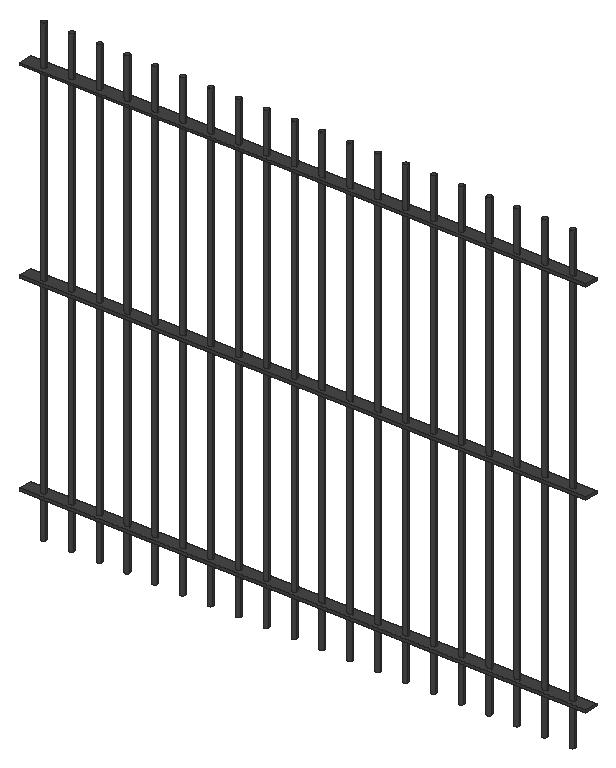
Revit family
Parameters
  Wrap Layers (Int) from Ext = 177.5 mm
  Wrap Layers (Ext) from Ext = 102.5 mm
  Width = 1770.0 mm
  Rough Width = Width  # 1770.0 mm
  Rough Height = Height  # 1500.0 mm
  Rail Offset - Top = 150.0 mm
  Rail Thickness = 8.0 mm
  Rail Depth = 40.0 mm
  Operation = "UserDefined"
  No of Rails = 3
  No of Balusters [instance] = 20
  Material - Grill Bars = Metal - Cast Iron
  Manufacturer = "Revit"
  Wall Closure = (empty or 0)
  Keynote = "L"
  Height = 1500.0 mm
  Grill Offset - External = 75.0 mm
  Default Head Height = 2110.0 mm
  Rail Offset - Bttm = 150.0 mm
  Baluster Offset Top = 25.0 mm
  Baluster Offset Sides = 50.0 mm
  Baluster Height = Height - (Baluster Offset Bttm + Baluster Offset Top)  # 1450.0 mm
  Baluster Offset Bttm = 25.0 mm
  Baluster Diameter = 15.0 mm
Reference planes
  plane 1: y = 0
  plane 2 "Left": x = -1455
  plane 3 "Right": x = 315
  plane 4 "Cill": z = 610
  plane 5 "Head": z = 2110
  plane 6 "Exterior": y = 158.457
  plane 7 "Interior": y = -141.543
  plane 8 "Face of Grill": y = 83.457
  plane 9 "Center (Left/Right)": x = -570
  plane 10: y = 55.957
  plane 11: z = 635
  plane 12: z = 2085
  plane 13: z = 760
  plane 14: z = 1960
  plane 15: y = -19.043
Lines and regions (mm)
  Opening 1
    outline origin (-5000, -141.543, 0) x (1, 0, 0) y (0, 0, 1)
      loop
        line (5315, 610) -> (5315, 2110) -> (3545, 2110) -> (3545, 610) -> (5315, 610)
Text (mm)
  text "EXTERIOR" at (-1214.38, 532.162, 0), in view "Ref. Level"
  text "INTERIOR" at (-1415.209, -367.981, 0), in view "Ref. Level"
  text "Exterior" at (0, 923.751, 2943.296), in view "Right"
  text "Exterior" at (0, 1040.484, 2685.409), in view "Left"
Dimensions and locks
  equal spacing: plane 2 "Left", plane 9 "Center (Left/Right)", plane 3 "Right"
  "Width": plane 2 "Left" to plane 3 "Right"
  "Height": plane 4 "Cill" to plane 5 "Head"
  "Default Head Height": plane 5 "Head" to level
  locked: plane 6 "Exterior" to host wall at 0
  locked: plane 7 "Interior" to host wall
  "Grill Offset - External": plane 8 "Face of Grill" to plane 6 "Exterior"
  "Wrap Layers (Ext) from Ext": plane 10 to plane 6 "Exterior"
  "Baluster Offset Bttm": plane 4 "Cill" to plane 11
  "Baluster Offset Top": plane 12 to plane 5 "Head"
  "Rail Offset - Bttm": plane 4 "Cill" to plane 13
  equal spacing: group 1, group 3, group 4, group 5, group 6, group 7, group 8, group 9, group 10, group 11, group 12, group 13, group 14, group 15, group 16, group 17, group 18, group 19, group 20, group 2  (x3)
  "Baluster Offset Sides": nested 3 to plane 3 "Right"
  "Baluster Offset Sides": plane 2 "Left" to nested 2
  equal spacing: group 21, group 23, group 22  (x3)
  "Rail Offset - Top": plane 14 to plane 5 "Head"
  "Wrap Layers (Int) from Ext": plane 15 to plane 6 "Exterior"
  aligned and locked: plane 8 "Face of Grill" to nested 1
  aligned and locked: plane 13 to nested 1
  aligned and locked: plane 11 to nested 2
  aligned and locked: plane 8 "Face of Grill" to nested 2
  aligned and locked: plane 8 "Face of Grill" to nested 3
  aligned and locked: plane 11 to nested 3
  aligned and locked: plane 14 to nested 22
  aligned and locked: plane 8 "Face of Grill" to nested 22
  aligned and locked: plane 3 "Right" to nested 22
  aligned and locked: nested 1 to plane 3 "Right"
Automatic sketch dimensions
  Opening 1 sketch curve to plane 2 "Left" = 0.0 mm
  Opening 1 sketch curve to plane 3 "Right" = 0.0 mm
  Opening 1 sketch curve to plane 4 "Cill" = 0.0 mm
  Opening 1 sketch curve to plane 5 "Head" = 0.0 mm
Nested families
  nested 1: "Wall Grill Support Rails" at (-623.731, 83.457, 760), type "Wall Grill Support Rails"
    with Width 1770.0 mm
  nested 2: "Wall Grill Balusters" at (-1451.231, 83.457, 635), type "Wall Grill Balusters"
    with Height 1450.0 mm
  nested 3: "Wall Grill Balusters" at (203.769, 83.457, 635), type "Wall Grill Balusters"
    with Height 1450.0 mm
  nested 4: "Wall Grill Balusters" at (-1364.126, 83.457, 635), type "Wall Grill Balusters"
    with Height 1450.0 mm
  nested 5: "Wall Grill Balusters" at (-1277.021, 83.457, 635), type "Wall Grill Balusters"
    with Height 1450.0 mm
  nested 6: "Wall Grill Balusters" at (-1189.915, 83.457, 635), type "Wall Grill Balusters"
    with Height 1450.0 mm
  nested 7: "Wall Grill Balusters" at (-1102.81, 83.457, 635), type "Wall Grill Balusters"
    with Height 1450.0 mm
  nested 8: "Wall Grill Balusters" at (-1015.705, 83.457, 635), type "Wall Grill Balusters"
    with Height 1450.0 mm
  nested 9: "Wall Grill Balusters" at (-928.6, 83.457, 635), type "Wall Grill Balusters"
    with Height 1450.0 mm
  nested 10: "Wall Grill Balusters" at (-841.494, 83.457, 635), type "Wall Grill Balusters"
    with Height 1450.0 mm
  nested 11: "Wall Grill Balusters" at (-754.389, 83.457, 635), type "Wall Grill Balusters"
    with Height 1450.0 mm
  nested 12: "Wall Grill Balusters" at (-667.284, 83.457, 635), type "Wall Grill Balusters"
    with Height 1450.0 mm
  nested 13: "Wall Grill Balusters" at (-580.178, 83.457, 635), type "Wall Grill Balusters"
    with Height 1450.0 mm
  nested 14: "Wall Grill Balusters" at (-493.073, 83.457, 635), type "Wall Grill Balusters"
    with Height 1450.0 mm
  nested 15: "Wall Grill Balusters" at (-405.968, 83.457, 635), type "Wall Grill Balusters"
    with Height 1450.0 mm
  nested 16: "Wall Grill Balusters" at (-318.863, 83.457, 635), type "Wall Grill Balusters"
    with Height 1450.0 mm
  nested 17: "Wall Grill Balusters" at (-231.757, 83.457, 635), type "Wall Grill Balusters"
    with Height 1450.0 mm
  nested 18: "Wall Grill Balusters" at (-144.652, 83.457, 635), type "Wall Grill Balusters"
    with Height 1450.0 mm
  nested 19: "Wall Grill Balusters" at (-57.547, 83.457, 635), type "Wall Grill Balusters"
    with Height 1450.0 mm
  nested 20: "Wall Grill Balusters" at (29.558, 83.457, 635), type "Wall Grill Balusters"
    with Height 1450.0 mm
  nested 21: "Wall Grill Balusters" at (116.664, 83.457, 635), type "Wall Grill Balusters"
    with Height 1450.0 mm
  nested 22: "Wall Grill Support Rails" at (-623.731, 83.457, 1952), type "Wall Grill Support Rails"
    with Width 1770.0 mm
  nested 23: "Wall Grill Support Rails" at (-623.731, 83.457, 1356), type "Wall Grill Support Rails"
    with Width 1770.0 mm
Definition of nested family "Wall Grill Support Rails"
  Parameters
    Width = 2399.3 mm
    Material = Metal - Cast Iron
    Bar Thickness = 8.0 mm
    Bar Depth = 40.0 mm
  Reference planes
    plane 1 "Center (Front/Back)": y = 0
    plane 2: z = 0
    plane 3 "Center (Left/Right)": x = 53.731
    plane 4: x = -1145.919
    plane 5: x = 1253.381
  Forms (mm)
    Extrusion 1, solid, material "Metal - Cast Iron" <- "Material"
      sketch origin (53.731, 0, 0) x (0, 1, 0) y (0, 0, 1)
        loop
          line (-20, 0) -> (20, 0) -> (20, 8) -> (-20, 8) -> (-20, 0)
      from -1199.65 to 1199.65
  Dimensions and locks
    equal spacing: plane 4, plane 3 "Center (Left/Right)", plane 5
    "Width": plane 4 to plane 5
    equal spacing: Extrusion 1 sketch curve, plane 1 "Center (Front/Back)", Extrusion 1 sketch curve
    "Bar Depth": Extrusion 1 sketch curve to Extrusion 1 sketch curve
    "Bar Thickness": Extrusion 1 sketch curve to Extrusion 1 sketch curve
    aligned and locked: Extrusion 1 to plane 5
    aligned and locked: plane 4 to Extrusion 1
  Automatic sketch dimensions
    Extrusion 1 sketch curve to level = 0.0 mm
Definition of nested family "Wall Grill Balusters"
  Parameters
    Height = 1200.0 mm
    Material = Metal - Cast Iron
    Baluster Radius = 7.5 mm
    Baluster Diameter = Baluster Radius * 2  # 15.0 mm
  Reference planes
    plane 1 "Center (Front/Back)": y = 0
    plane 2: z = 0
    plane 3 "Center (Left/Right)": x = 53.731
    plane 4: z = 1200
  Forms (mm)
    Extrusion 1, solid, material "Metal - Cast Iron" <- "Material"
      sketch origin (0, 0, 0) x (1, 0, 0) y (0, 1, 0)
        loop
          circle (53.731, 0) r 7.5
      from 0 to 1200
  Lines and regions (mm)
    symbolic lines, style "InvisibleLines"
      curve 1: line (53.731, 7.5, 0) -> (53.731, -7.5, 0)
  Dimensions and locks
    "Height": plane 4 to plane 2
    "Baluster Radius": radius of Extrusion 1 sketch curve
    aligned and locked: Extrusion 1 to plane 4
    aligned and locked: Extrusion 1 to level
    aligned: curve 1 to plane 3 "Center (Left/Right)"
  Automatic sketch dimensions
    Extrusion 1 sketch curve to plane 1 "Center (Front/Back)" = 0.0 mm
    Extrusion 1 sketch curve to plane 3 "Center (Left/Right)" = 0.0 mm
    curve 1 to plane 3 "Center (Left/Right)" = 0.0 mm
    plane 1 "Center (Front/Back)" to curve 1 = 7.5 mm
    curve 1 to plane 1 "Center (Front/Back)" = 7.5 mm
